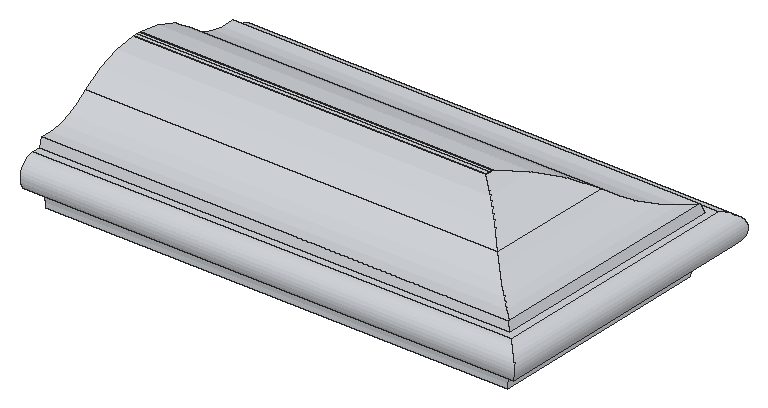
Revit family "4441n", category Terminations, Revit 2019
Family settings
  Work Plane-Based = No
  Always vertical = Yes
  Cut with Voids When Loaded = No
  Shared = No
Parameters
  URL = "https://www.juliusblum.com/"
  Termination Material = none
  Model = "4441n"
  Manufacturer = "Julius Blum & Co Inc."
  Extension Length = 0' - 3"
  Description = "Julius Blum & Co Inc. supplies stock material only and does not offer custom design, fabricating or installation services."
Reference planes (in)
  plane 1 "Center (Front/Back)": y = 0
  plane 2: z = 0
  plane 3 "Center (Left/Right)": x = 0
  plane 4: x = 3
Forms (in)
  Sweep 1, solid
    path origin (0, 0, 0) x (1, 0, 0) y (0, 1, 0)
      loop
        line (0, -0.03125) -> (2.71157, -0.03125) -> (2.71157, 0.03125) -> (0, 0.03125)
    profile origin (1.35579, -0.03125, 0) x (0, 1, 0) y (0, 0, 1)
      loop
        arc (0, 0.40565) -> (-0.24607, 0.35746) -> (-0.46573, 0.23653) r 0.8125
        arc (-0.46573, 0.23653) -> (-0.66106, 0.1207) -> (-0.88691, 0.09701) r 0.53125
        line (-0.88691, 0.09701) -> (-0.9064, 0.03125) -> (-0.96875, 0.03125)
        arc (-0.96875, 0.03125) -> (-1.09367, -0.08937) -> (-0.97751, -0.21844) r 0.125
        arc (-0.97751, -0.21844) -> (-0.88004, -0.29056) -> (-0.84375, -0.40625) r 0.19574
        line (-0.84375, -0.40625) -> (-0.75, -0.40625) -> (-0.73193, -0.23435) -> (-0.625, -0.23435) -> (-0.61067, -0.09797)
        arc (-0.61067, -0.09797) -> (-0.59808, -0.06644) -> (-0.57088, -0.04614) r 0.0625
        arc (-0.57088, -0.04614) -> (-0.45154, 0.01279) -> (-0.34511, 0.09272) r 0.71875
        arc (-0.34511, 0.09272) -> (-0.18196, 0.18126) -> (0, 0.21797) r 0.625
        line (0, 0.21797) -> (0, 0.40565)
  Extrusion 2, solid
    sketch origin (0, 0, 0.40625) x (0, 1, 0) y (0, 0, 1)
      loop
        arc (0, 0) -> (-0.01563, -0.00015) -> (-0.03125, -0.0006) r 0.8125
        line (-0.03125, -0.0006) -> (-0.03125, -0.18828)
        arc (-0.03125, -0.18828) -> (-0.01563, -0.1877) -> (0, -0.1875) r 0.625
        arc (0, -0.1875) -> (0.01563, -0.1877) -> (0.03125, -0.18828) r 0.625
        line (0.03125, -0.18828) -> (0.03125, -0.0006)
        arc (0.03125, -0.0006) -> (0.01563, -0.00015) -> (0, 0) r 0.8125
    from 0 to 2.71157
Dimensions and locks (in)
  "Extension Length": plane 3 "Center (Left/Right)" to plane 4
  aligned and locked: plane 2 to level
Automatic sketch dimensions
  Sweep 1 sketch curve to plane 3 "Center (Left/Right)" = 0' - 0"  (x2)
  Sweep 1 sketch curve to plane 1 "Center (Front/Back)" = 0' - 0 1/32"
  Sweep 1 sketch curve to plane 4 = 0' - 0.28843"
  plane 1 "Center (Front/Back)" to Sweep 1 sketch curve = 0' - 0 1/32"
  Sweep 1 sketch curve to Sweep 1 sketch curve = 0' - 0"  (x5)
  Sweep 1 sketch curve to Sweep 1 sketch curve = 0' - 0.06216"
  Sweep 1 sketch curve to Sweep 1 sketch curve = 0' - 0.01433"
  Sweep 1 sketch curve to Sweep 1 sketch curve = 0' - 0.10693"
  Sweep 1 sketch curve to Sweep 1 sketch curve = 0' - 0.01807"
  level to Sweep 1 sketch curve = 0' - 0 5/8"
  Sweep 1 sketch curve to Sweep 1 sketch curve = 0' - 0.21744"
  Sweep 1 sketch curve to Sweep 1 sketch curve = 0' - 0 3/32"
  Sweep 1 sketch curve to Sweep 1 sketch curve = 0' - 0.27625"
  Sweep 1 sketch curve to Sweep 1 sketch curve = 0' - 0.01949"
  Sweep 1 sketch curve to Sweep 1 sketch curve = 0' - 0.06235"
  Sweep 1 sketch curve to Sweep 1 sketch curve = 0' - 0.19573"
  Sweep 1 sketch curve to profile plane = 0' - 0 1/32"
  Sweep 1 sketch curve to Sweep 1 sketch curve = 0' - 0.06576"
  Sweep 1 sketch curve to Sweep 1 sketch curve = 0' - 0 1/8"
  Sweep 1 sketch curve to Sweep 1 sketch curve = 0' - 0.12922"
  Sweep 1 sketch curve to Sweep 1 sketch curve = 0' - 0.00653"
  Sweep 1 sketch curve to Sweep 1 sketch curve = 0' - 0.13638"
  Sweep 1 sketch curve to Sweep 1 sketch curve = 0' - 0.1719"
  Sweep 1 sketch curve to Sweep 1 sketch curve = 0' - 0.30175"
  Sweep 1 sketch curve to Sweep 1 sketch curve = 0' - 0.12062"
  level to Sweep 1 sketch curve = 0' - 0.40565"
  Sweep 1 sketch curve to profile plane = 0' - 0"
  Sweep 1 sketch curve to level = 0' - 0.1045"
  profile plane to Sweep 1 sketch curve = 0' - 0.54851"
  Sweep 1 sketch curve to Sweep 1 sketch curve = 0' - 0.00876"
  Extrusion 2 sketch curve to Extrusion 2 sketch curve = 0' - 0"  (x4)
  level to Extrusion 2 sketch curve = 0' - 0 13/32"
  Extrusion 2 sketch curve to plane 1 "Center (Front/Back)" = 0' - 0"
  plane 1 "Center (Front/Back)" to Extrusion 2 sketch curve = 0' - 0 1/32"
  level to Extrusion 2 sketch curve = 0' - 0.40565"  (x2)
  Extrusion 2 sketch curve to Extrusion 2 sketch curve = 0' - 0 3/16"
